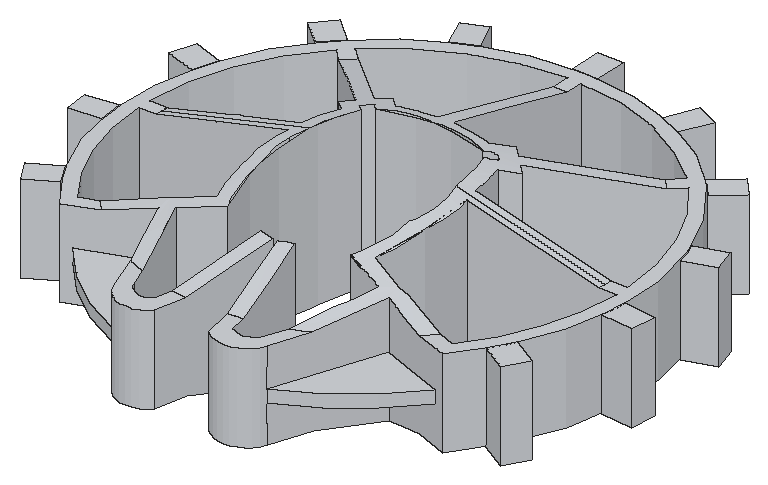
Revit family "Væg-Con Kas 15 14-18", category Generic Models, Revit 2019
Family settings
  Can host rebar = No
  Round Connector Dimension = Use Diameter
  Part Type = Normal
  Work Plane-Based = Yes
  Always vertical = No
  Cut with Voids When Loaded = No
  Shared = No
  Room Calculation Point = No
Parameters
  Website Link = "https://haucon.dk/produkt/vaeg-con-kas/#variations"
  Technical Data Sheet = "https://haucon.dk/wp-content/uploads/2016/04/1011100-VAEG-CON-KAS-TDS-DK.pdf"
  Default Elevation = 1219.2 mm
Reference planes
  plane 1 "Center (Front/Back)": y = 0
  plane 2: z = 0
  plane 3 "Center (Left/Right)": x = 0
Forms (mm)
  Extrusion 1, solid
    sketch origin (0, 0, 0) x (1, 0, 0) y (0, 1, 0)
      loop
        line (-4.863, 3.873) -> (-5.557, 4.567) -> (-4.894, 5.229) -> (-4.227, 4.562)
        arc (-4.227, 4.562) -> (0, 5.014) -> (4.227, 4.562) r 20
        line (4.227, 4.562) -> (4.894, 5.229) -> (5.557, 4.567) -> (4.863, 3.873)
        arc (4.863, 3.873) -> (5.981, -2.72) -> (4.863, -9.313) r 20.003
        line (4.863, -9.313) -> (7.997, -10.452) -> (5.203, -18.142)
        arc (5.203, -18.142) -> (4.298, -18.968) -> (3.104, -18.696) r 1.321
        line (3.104, -18.696) -> (1.345, -10.386) -> (0.192, -10.63) -> (2.151, -19.884)
        arc (2.151, -19.884) -> (4.351, -20.561) -> (6.089, -19.051) r 2.371
        line (6.089, -19.051) -> (9.071, -10.842) -> (15.154, -13.052)
        arc (15.154, -13.052) -> (0, 20) -> (-15.154, -13.052) r 20
        line (-15.154, -13.052) -> (-9.071, -10.842) -> (-6.089, -19.051)
        arc (-6.089, -19.051) -> (-4.351, -20.561) -> (-2.151, -19.884) r 2.371
        line (-2.151, -19.884) -> (-0.192, -10.63) -> (-1.345, -10.386) -> (-3.104, -18.696)
        arc (-3.104, -18.696) -> (-4.298, -18.968) -> (-5.203, -18.142) r 1.321
        line (-5.203, -18.142) -> (-7.997, -10.452) -> (-4.863, -9.313)
        arc (-4.863, -9.313) -> (-5.981, -2.72) -> (-4.863, 3.873) r 20.003
      loop
        arc (-18.864, -0.559) -> (-17.731, -6.461) -> (-14.801, -11.708) r 18.872
        line (-14.801, -11.708) -> (-6.195, -8.581)
        arc (-6.195, -8.581) -> (-7.016, -4.612) -> (-7.02, -0.559) r 20
        line (-7.02, -0.559) -> (-18.864, -0.559)
      loop
        line (-0.545, 6.112) -> (-0.545, 18.864)
        arc (-0.545, 18.864) -> (-7.312, 17.398) -> (-13.094, 13.59) r 18.872
        line (-13.094, 13.59) -> (-5.689, 6.186) -> (-4.881, 6.994) -> (-3.668, 5.78)
        arc (-3.668, 5.78) -> (-2.113, 6.008) -> (-0.545, 6.112) r 20
      loop
        line (-6.497, 5.378) -> (-13.893, 12.773)
        arc (-13.893, 12.773) -> (-17.48, 7.114) -> (-18.864, 0.559) r 18.872
        line (-18.864, 0.559) -> (-6.875, 0.559)
        arc (-6.875, 0.559) -> (-6.575, 2.077) -> (-6.158, 3.566) r 20
        line (-6.158, 3.566) -> (-7.233, 4.642) -> (-6.497, 5.378)
      loop
        arc (0.545, 6.112) -> (2.113, 6.008) -> (3.668, 5.78) r 20
        line (3.668, 5.78) -> (4.881, 6.994) -> (5.689, 6.186) -> (13.094, 13.59)
        arc (13.094, 13.59) -> (7.312, 17.398) -> (0.545, 18.864) r 18.872
        line (0.545, 18.864) -> (0.545, 6.112)
      loop
        line (6.497, 5.378) -> (7.233, 4.642) -> (6.158, 3.566)
        arc (6.158, 3.566) -> (6.575, 2.077) -> (6.875, 0.559) r 20
        line (6.875, 0.559) -> (18.864, 0.559)
        arc (18.864, 0.559) -> (17.48, 7.114) -> (13.893, 12.773) r 18.872
        line (13.893, 12.773) -> (6.497, 5.378)
      loop
        line (18.864, -0.559) -> (7.02, -0.559)
        arc (7.02, -0.559) -> (7.016, -4.612) -> (6.195, -8.581) r 20
        line (6.195, -8.581) -> (14.801, -11.708)
        arc (14.801, -11.708) -> (17.731, -6.461) -> (18.864, -0.559) r 18.872
    from -7.5 to 7.5
  Extrusion 2, solid
    sketch origin (0, 2.5, 0) x (1, 0, 0) y (0, 1, 0)
      loop
        arc (-1.021, 17.47) -> (-0.012, 17.5) -> (0.997, 17.47) r 17.085
        line (0.997, 17.47) -> (0.997, 20) -> (-1.021, 20) -> (-1.021, 17.47)
    from -3.5 to 3.5
  Extrusion 3, solid
    sketch origin (1.017, 2.284, 0) x (0.913545, -0.406737, 0) y (0.406737, 0.913545, 0)
      loop
        arc (-1.021, 17.47) -> (-0.012, 17.5) -> (0.997, 17.47) r 17.085
        line (0.997, 17.47) -> (0.997, 20) -> (-1.021, 20) -> (-1.021, 17.47)
    from -3.5 to 3.5
  Extrusion 4, solid
    sketch origin (-1.017, 2.284, 0) x (0.913545, 0.406737, 0) y (-0.406737, 0.913545, 0)
      loop
        arc (-1.021, 17.47) -> (-0.012, 17.5) -> (0.997, 17.47) r 17.085
        line (0.997, 17.47) -> (0.997, 20) -> (-1.021, 20) -> (-1.021, 17.47)
    from -3.5 to 3.5
  Extrusion 5, solid
    sketch origin (-1.858, 1.673, 0) x (0.669131, 0.743145, 0) y (-0.743145, 0.669131, 0)
      loop
        arc (-1.021, 17.47) -> (-0.012, 17.5) -> (0.997, 17.47) r 17.085
        line (0.997, 17.47) -> (0.997, 20) -> (-1.021, 20) -> (-1.021, 17.47)
    from -3.5 to 3.5
  Extrusion 6, solid
    sketch origin (-2.378, 0.773, 0) x (0.309017, 0.951057, 0) y (-0.951057, 0.309017, 0)
      loop
        arc (-1.021, 17.47) -> (-0.012, 17.5) -> (0.997, 17.47) r 17.085
        line (0.997, 17.47) -> (0.997, 20) -> (-1.021, 20) -> (-1.021, 17.47)
    from -3.5 to 3.5
  Extrusion 7, solid
    sketch origin (-2.486, -0.261, 0) x (-0.104528, 0.994522, 0) y (-0.994522, -0.104528, 0)
      loop
        arc (-1.021, 17.47) -> (-0.012, 17.5) -> (0.997, 17.47) r 17.085
        line (0.997, 17.47) -> (0.997, 20) -> (-1.021, 20) -> (-1.021, 17.47)
    from -3.5 to 3.5
  Extrusion 8, solid
    sketch origin (-2.165, -1.25, 0) x (-0.5, 0.866025, 0) y (-0.866025, -0.5, 0)
      loop
        arc (-1.021, 17.47) -> (-0.012, 17.5) -> (0.997, 17.47) r 17.085
        line (0.997, 17.47) -> (0.997, 20) -> (-1.021, 20) -> (-1.021, 17.47)
    from -3.5 to 3.5
  Extrusion 9, solid
    sketch origin (2.165, -1.25, 0) x (-0.5, -0.866025, 0) y (0.866025, -0.5, 0)
      loop
        arc (-1.021, 17.47) -> (-0.012, 17.5) -> (0.997, 17.47) r 17.085
        line (0.997, 17.47) -> (0.997, 20) -> (-1.021, 20) -> (-1.021, 17.47)
    from -3.5 to 3.5
  Extrusion 10, solid
    sketch origin (2.486, -0.261, 0) x (-0.104528, -0.994522, 0) y (0.994522, -0.104528, 0)
      loop
        arc (-1.021, 17.47) -> (-0.012, 17.5) -> (0.997, 17.47) r 17.085
        line (0.997, 17.47) -> (0.997, 20) -> (-1.021, 20) -> (-1.021, 17.47)
    from -3.5 to 3.5
  Extrusion 11, solid
    sketch origin (2.378, 0.773, 0) x (0.309017, -0.951057, 0) y (0.951057, 0.309017, 0)
      loop
        arc (-1.021, 17.47) -> (-0.012, 17.5) -> (0.997, 17.47) r 17.085
        line (0.997, 17.47) -> (0.997, 20) -> (-1.021, 20) -> (-1.021, 17.47)
    from -3.5 to 3.5
  Extrusion 12, solid
    sketch origin (1.858, 1.673, 0) x (0.669131, -0.743145, 0) y (0.743145, 0.669131, 0)
      loop
        arc (-1.021, 17.47) -> (-0.012, 17.5) -> (0.997, 17.47) r 17.085
        line (0.997, 17.47) -> (0.997, 20) -> (-1.021, 20) -> (-1.021, 17.47)
    from -3.5 to 3.5
  Extrusion 13, solid
    sketch origin (0, -0.938, 0) x (1, 0, 0) y (0, 1, 0)
      loop
        line (-8.533, -9.703) -> (-14.305, -11.801)
        arc (-14.305, -11.801) -> (-10.116, -15.901) -> (-4.895, -18.564) r 19.421
        line (-4.895, -18.564) -> (-8.533, -9.703)
      loop
        line (8.589, -9.724) -> (4.967, -18.547)
        arc (4.967, -18.547) -> (10.119, -15.865) -> (14.248, -11.78) r 19.421
        line (14.248, -11.78) -> (8.589, -9.724)
    from -0.5 to 0.5
  Sweep 14, void
    path origin (0, 0, 0) x (1, 0, 0) y (0, 1, 0)
      loop
        circle (0, 0) r 10
    profile origin (0, 10, 0) x (0, -1, 0) y (0, 0, 1)
      loop
        line (-7.5, 3.493) -> (8.698, 7.5) -> (-12.863, 7.5) -> (-12.863, 3.493) -> (-7.5, 3.493)
  Sweep 15, void
    path origin (0, 0, 0) x (0, -1, 0) y (1, 0, 0)
      loop
        circle (0, 0) r 10
    profile origin (0, 10, 0) x (0, -1, 0) y (0, 0, 1)
      loop
        line (-7.47, -3.5) -> (-12.501, -3.5) -> (-12.501, -7.5) -> (8.698, -7.5) -> (-7.47, -3.5)
Cuts and joins
  Sweep 14, Sweep 15 cuts Extrusion 1
  Sweep 14, Sweep 15 cuts Extrusion 13
  joined: Extrusion 1, Extrusion 13
  Sweep 15 cuts Extrusion 3
  Sweep 15 cuts Extrusion 4
  Sweep 15 cuts Extrusion 5
  Sweep 15 cuts Extrusion 6
  Sweep 15 cuts Extrusion 7
  Sweep 15 cuts Extrusion 8
  Sweep 15 cuts Extrusion 9
  Sweep 15 cuts Extrusion 10
  Sweep 15 cuts Extrusion 11
  Sweep 15 cuts Extrusion 12
Dimensions and locks
  aligned and locked: level to plane 2
